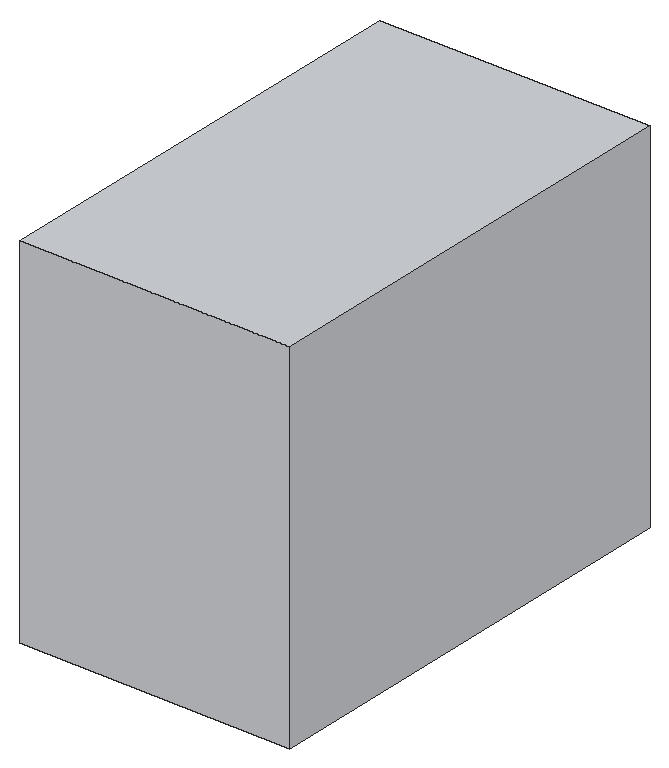
Revit family "XXX_RLT-Gerät_Filter allgemein", category HLS-Bauteile, Revit 2014
Parameters (values of type "Allgemein")
  Breite = 500 mm
  Symbolbreite [instance] = Länge / 4  # 75 mm
  Druckverlust [instance] = 0.00 in-wg
  Länge = 300 mm
  Höhe = 400 mm
  Widerstandsbeiwert [instance] = 0
Reference planes
  plane 1 "Mitte (Vorne/Hinten)": y = 0
  plane 2: z = 0
  plane 3 "Mitte (Links/Rechts)": x = 0
  plane 4: y = 250
  plane 5: y = -250
  plane 6: x = -150
  plane 7: x = 150
  plane 8: z = 200
  plane 9: z = -200
  plane 10: z = 230
  plane 11: y = -280
  plane 12: z = -230
  plane 13: y = 280
  plane 14: x = -145
  plane 15: x = 145
  plane 16: x = 75
Forms (mm)
  Extrusion 1, solid, detail levels medium+fine
    sketch origin (-150, 397.271, 1219.2) x (0, 1, 0) y (0, 0, 1)
      loop
        line (-147.271, -1019.2) -> (-647.271, -1019.2) -> (-647.271, -1419.2) -> (-147.271, -1419.2) -> (-147.271, -1019.2)
    from 0 to 300
Lines and regions (mm)
  model lines, detail levels coarse
    curve 1: line (-150, 250, 0) -> (150, 250, 0)
    curve 2: line (-150, -250, 0) -> (-150, 250, 0)
    curve 3: line (150, -250, 0) -> (-150, -250, 0)
    curve 4: line (150, 250, 0) -> (150, -250, 0)
    curve 5: line (75, 250, 0) -> (145, 0, 0)
    curve 6: line (145, 0, 0) -> (75, -250, 0)
    curve 13: line (-150, 0, 200) -> (150, 0, 200)
    curve 14: line (-150, 0, -200) -> (-150, 0, 200)
    curve 15: line (150, 0, -200) -> (-150, 0, -200)
    curve 16: line (150, 0, 200) -> (150, 0, -200)
    curve 17: line (75, 0, 200) -> (145, 0, 0)
    curve 18: line (145, 0, 0) -> (75, 0, -200)
    curve 19: line (0, 250, 200) -> (0, -250, 200)
    curve 20: line (0, 250, -200) -> (0, 250, 200)
    curve 21: line (0, -250, -200) -> (0, 250, -200)
    curve 22: line (0, -250, 200) -> (0, -250, -200)
  model lines, detail levels medium+fine
    curve 7: line (75, 250, 200) -> (145, 0, 200)
    curve 8: line (145, 0, 200) -> (75, -250, 200)
    curve 9: line (75, -250, 200) -> (145, -250, 0)
    curve 10: line (145, -250, 0) -> (75, -250, -200)
    curve 11: line (145, 250, 0) -> (75, 250, -200)
    curve 12: line (145, 250, 0) -> (75, 250, 200)
Dimensions and locks
  equal spacing: plane 6, plane 3 "Mitte (Links/Rechts)", plane 7
  "Länge": plane 6 to plane 7
  equal spacing: plane 5, plane 1 "Mitte (Vorne/Hinten)", plane 4
  equal spacing: plane 8, level, plane 9
  "Höhe": plane 8 to plane 9
  "Breite": plane 5 to plane 4
  plane 10 to plane 8 = 30 mm
  plane 12 to plane 9 = 30 mm
  plane 13 to plane 4 = 30 mm
  plane 5 to plane 11 = 30 mm
  plane 6 to plane 14 = 5 mm
  plane 15 to plane 7 = 5 mm
  "Symbolbreite": plane 16 to plane 7
  aligned and locked: plane 2 to level
  aligned and locked: plane 7 to Extrusion 1
  aligned and locked: Extrusion 1 to plane 6
  aligned and locked: plane 8 to Extrusion 1
  aligned and locked: plane 9 to Extrusion 1
  aligned and locked: plane 5 to Extrusion 1
  aligned and locked: plane 4 to Extrusion 1
  aligned and locked: curve 2 to Extrusion 1
  aligned and locked: curve 4 to Extrusion 1
  aligned and locked: curve 7 to curve 5
  aligned and locked: curve 8 to curve 6
  aligned and locked: plane 16 to curve 10
  aligned and locked: plane 16 to curve 9
  aligned and locked: plane 15 to curve 9
  aligned and locked: curve 12 to curve 9
  aligned and locked: curve 11 to curve 10
  aligned and locked: curve 13 to Extrusion 1
  aligned and locked: curve 14 to Extrusion 1
  aligned and locked: curve 15 to Extrusion 1
  aligned and locked: curve 16 to Extrusion 1
  aligned and locked: curve 19 to Extrusion 1
  aligned and locked: curve 20 to Extrusion 1
  aligned and locked: curve 21 to Extrusion 1
  aligned and locked: curve 22 to Extrusion 1
Automatic sketch dimensions
  Extrusion 1 sketch curve to plane 5 = 0 mm
  Extrusion 1 sketch curve to plane 4 = 0 mm
  plane 9 to Extrusion 1 sketch curve = 0 mm
  Extrusion 1 sketch curve to plane 8 = 0 mm
  curve 6 to plane 16 = 0 mm
  curve 5 to plane 16 = 0 mm
  curve 5 to plane 15 = 0 mm
  plane 1 "Mitte (Vorne/Hinten)" to curve 6 = 0 mm
  plane 5 to curve 6 = 0 mm
  curve 5 to plane 4 = 0 mm
  plane 5 to curve 8 = 0 mm
  curve 7 to plane 4 = 0 mm
  curve 10 to plane 9 = 0 mm
  curve 10 to level = 0 mm
  curve 9 to plane 8 = 0 mm
  curve 12 to plane 8 = 0 mm
  curve 11 to plane 16 = 0 mm
  curve 18 to plane 16 = 0 mm
  curve 17 to plane 16 = 0 mm
  curve 17 to level = 0 mm
  curve 18 to plane 15 = 0 mm
Connectors
  hvac at (-150, 0, 0), driven by "Widerstandsbeiwert", driven by "Breite", driven by "Höhe"
    settings: on Extrusion 1, index 1, duct flow 0 CFM, flow factor 0, pres drop 0.00 in-wg, loss coef 0, conn angle 0.00°, conn width 500 mm, conn height 400 mm, conn diameter 609.6 mm, duct sys type 29, conn prof type 1, flow config 0, flow direction 0, loss method 6, conn ref index 2, conn util no, is conn primary yes, conn desc ""
  hvac at (150, 0, 0), driven by "Widerstandsbeiwert", driven by "Breite", driven by "Höhe"
    settings: on Extrusion 1, index 2, duct flow 0 CFM, flow factor 0, pres drop 0.00 in-wg, loss coef 0, conn angle 0.00°, conn width 500 mm, conn height 400 mm, conn diameter 609.6 mm, duct sys type 29, conn prof type 1, flow config 0, flow direction 0, loss method 6, conn ref index 1, conn util no, is conn primary no, conn desc ""
